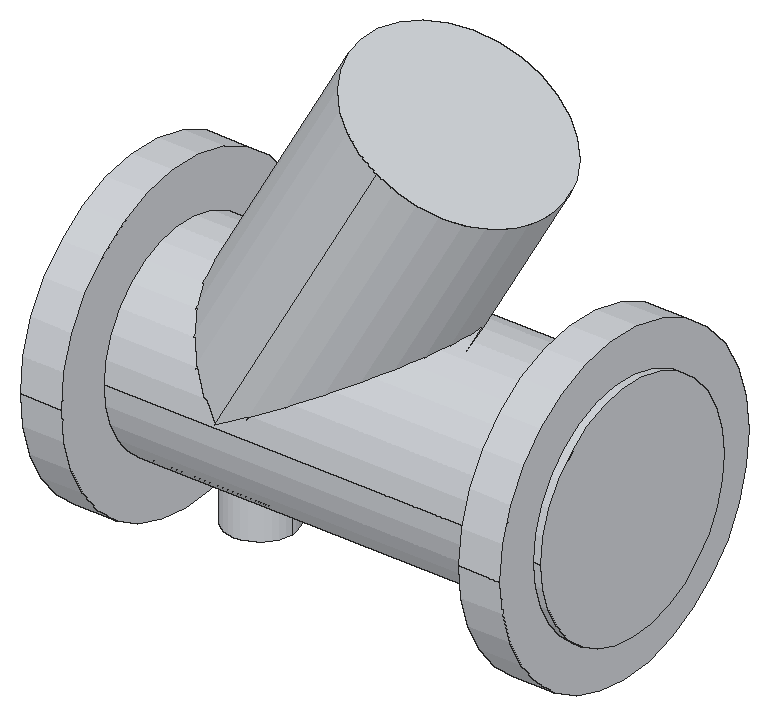
Revit family "HS 821-síto_standard-PN16-DN125-RFA_2019", category Pipe Accessories, Revit 2019
Family settings
  Round Connector Dimension = Use Diameter
  Part Type = Breaks Into
  Work Plane-Based = No
  Always vertical = Yes
  Cut with Voids When Loaded = No
  Shared = No
Parameters (values of type "821A-DN125-PN16-síto_standard")
  magiProductId = "bf68e728a163493cbd2a663b26ebdc"
  magiProductFamilyId = "79214ac3aaa945e397802f559f5c1e"
  magiPartTypeId = 307
  isMeasuringValve [instance] = no
  ang2D [instance] = 0.00°
  ZB__ve = -ZB  # -39.5 mm
  ZB1 = 74.52 mm
  ZB = 39.5 mm
  X2 = 131.888 mm
  X1 = 56 mm
  W2D = 15 mm
  VersionID = "2.0/2017.9.26.1/ZETKAMA_821_001"
  Use Minimum Symbol Size [instance] = yes
  URL = "www.hydronix.cz"
  Type Comments = "Filtr přírubový; síto standardní; A-PN16 (-10~300°C); D-PN25 (-10~350°C); F-PN40 (-10~400°C)"
  S = 184 mm
  QmdConnectorList = "301;D;302;D"
  Productdata [instance] = ""
  Manufacturer = "Hydronix"
  MC Product Code = "200 191 (821A; DN125; PN16; kvs326,2; oko síta 1,60mm)"
  LM1 = 32 mm
  LM = 320 mm
  L4 = 100 mm
  L2D_Min = 3048 mm
  L2D = 130 mm
  L2 = 200 mm
  HH2 = 228.438 mm
  FD = 250 mm
  Description = "Filtr přírubový; síto standardní; 821A-PN16; 821D-PN25; 821F-PN40"
  DM1 = 165 mm
  DM = 165.6 mm
  D = 125 mm
  CC = 6.8 mm
  CAT0 = yes
  C1 = 33.2 mm
  C = 40 mm
  BD = 52.164 mm
Types (40, lengths in mm): name | magiProductId | ZB__ve | ZB1 | ZB | X2 | X1 | S | MC Product Code | LM1 | LM | L4 | L2 | HH2 | FD | DM1 | DM | D | CC | C1 | C | BD
  821A-DN015-PN16-síto_standard | "a71bcfe8b393460598b23e8ddf7dc5" | -16.25 | 18.63 | 16.25 | 46.982 | 18.2 | 46 | "200 115 (821A; DN015; PN16; kvs6,3; oko síta 1,00mm)" | 10.4 | 104 | 32.5 | 65 | 81.375 | 95 | 27.6 | 41.4 | 15 | 2.21 | 10.79 | 13 | 13.041
  821A-DN020-PN16-síto_standard | "41cd6c7a12924f4991217528336076" | -17.75 | 22.68 | 17.75 | 51.673 | 21 | 56 | "200 120 (821A; DN020; PN16; kvs11,2; oko síta 1,00mm)" | 12 | 120 | 37.5 | 75 | 89.5 | 105 | 33.6 | 50.4 | 20 | 2.55 | 12.45 | 15 | 15.876
  821A-DN025-PN16-síto_standard | "be378b463ed14c3abf4c9b3ae8cf3a" | -19.25 | 26.325 | 19.25 | 58.601 | 22.4 | 65 | "200 125 (821A; DN025; PN16; kvs14,7; oko síta 1,00mm)" | 12.8 | 128 | 40 | 80 | 101.5 | 115 | 43.2 | 58.5 | 25 | 2.72 | 13.28 | 16 | 18.427
  821A-DN032-PN16-síto_standard | "227a0d18b21540afabe8b6067d35fa" | -23 | 30.78 | 23 | 68.849 | 25.2 | 76 | "200 132 (821A; DN032; PN16; kvs23,7; oko síta 1,00mm)" | 14.4 | 144 | 45 | 90 | 119.25 | 140 | 50.4 | 68.4 | 32 | 3.06 | 14.94 | 18 | 21.546
  821A-DN040-PN16-síto_standard | "d106917c74724141a10440112d0102" | -24.5 | 34.02 | 24.5 | 75.777 | 28 | 84 | "200 140 (821A; DN040; PN16; kvs37,7; oko síta 1,00mm)" | 16 | 160 | 50 | 100 | 131.25 | 150 | 60 | 75.6 | 40 | 3.4 | 16.6 | 20 | 23.814
  821A-DN050-PN16-síto_standard | "8255d456a09e4f6486734f5dd9171b" | -26.75 | 40.095 | 26.75 | 79.061 | 32.2 | 99 | "200 150 (821A; DN050 PN16; kvs57,9; oko síta 1,00mm)" | 18.4 | 184 | 57.5 | 115 | 136.938 | 165 | 73.8 | 89.1 | 50 | 3.91 | 19.09 | 23 | 28.066
  821A-DN065-PN16-síto_standard | "235b1b3e4c0843779a4d5e3716d40a" | -29.75 | 47.79 | 29.75 | 86.927 | 40.6 | 118 | "200 165 (821A; DN065; PN16; kvs101,5; oko síta 1,25mm)" | 23.2 | 232 | 72.5 | 145 | 150.562 | 185 | 94.2 | 106.2 | 65 | 4.93 | 24.07 | 29 | 33.453
  821A-DN080-PN16-síto_standard | "a067f7c5236348ed8c820d16df7214" | -32 | 53.46 | 32 | 104.753 | 43.4 | 132 | "200 180 (821A; DN080; PN16; kvs147,4; oko síta 1,25mm)" | 24.8 | 248 | 77.5 | 155 | 181.438 | 200 | 107.4 | 118.8 | 80 | 5.27 | 25.73 | 31 | 37.422
  821A-DN100-PN16-síto_standard | "c49a648c2747461285837d643703cd" | -35 | 63.18 | 35 | 114.857 | 49 | 156 | "200 190 (821A; DN100; PN16; kvs209,6; oko síta 1,60mm)" | 28 | 280 | 87.5 | 175 | 198.937 | 220 | 131.4 | 140.4 | 100 | 5.95 | 29.05 | 35 | 44.226
  821A-DN125-PN16-síto_standard | "bf68e728a163493cbd2a663b26ebdc" | -39.5 | 74.52 | 39.5 | 131.888 | 56 | 184 | "200 191 (821A; DN125; PN16; kvs326,2; oko síta 1,60mm)" | 32 | 320 | 100 | 200 | 228.438 | 250 | 165 | 165.6 | 125 | 6.8 | 33.2 | 40 | 52.164
  821A-DN150-PN16-síto_standard | "2de770284b654863ae6bc865769dc5" | -44.75 | 85.455 | 44.75 | 155.885 | 67.2 | 211 | "200 192 (821A; DN150; PN16; kvs403; oko síta 1,60mm)" | 38.4 | 384 | 120 | 240 | 270 | 285 | 192 | 189.9 | 150 | 8.16 | 39.84 | 48 | 59.818
  821A-DN200-PN16-síto_standard | "8e5693371ab64aabb29a7f08c76e15" | -53 | 107.73 | 53 | 188.361 | 84 | 266 | "200 193 (821A; DN200; PN16; kvs707; oko síta 1,60mm)" | 48 | 480 | 150 | 300 | 326.25 | 340 | 252 | 239.4 | 200 | 10.2 | 49.8 | 60 | 75.411
  821A-DN250-PN16-síto_standard | "05e37ed948c34047acdd4c42556504" | -62.75 | 129.195 | 62.75 | 255.911 | 102.2 | 319 | "200 194 (821A; DN250; PN16; kvs1234; oko síta 1,60mm)" | 58.4 | 584 | 182.5 | 365 | 443.25 | 405 | 309.6 | 287.1 | 250 | 12.41 | 60.59 | 73 | 90.436
  821A-DN300-PN16-síto_standard | "9ad0af747269428da925480d83ce80" | -71 | 149.85 | 71 | 325.914 | 119 | 370 | "200 195 (821A; DN300; PN16; kvs1916; oko síta 1,60mm)" | 68 | 680 | 212.5 | 425 | 564.5 | 460 | 369.6 | 333 | 300 | 14.45 | 70.55 | 85 | 104.895
  821A-DN350-PN16-síto_standard | "eebc71459bb3451bb4355e7951370a" | -80 | 173.745 | 80 | 356.875 | 137.2 | 429 | "200 196 (821A; DN350; PN16; kvs2621; oko síta 1,60mm)" | 78.4 | 784 | 245 | 490 | 618.125 | 520 | 438 | 386.1 | 350 | 16.66 | 81.34 | 98 | 121.621
  821A-DN400-PN16-síto_standard | "d2f677cb196647e385b2590e7d8abe" | -89 | 194.4 | 89 | 392.237 | 154 | 480 | "200 197 (821A; DN400; PN16; kvs3460; oko síta 1,60mm)" | 88 | 880 | 275 | 550 | 679.375 | 580 | 498 | 432 | 400 | 18.7 | 91.3 | 110 | 136.08
  821D-DN015-PN25-síto_standard | "27ddcbf555414f8ca1fde329bf9087" | -16.25 | 18.63 | 16.25 | 46.982 | 18.2 | 46 | "200 215 (821D; DN015; PN25; kvs6,3; oko síta 1,00mm)" | 10.4 | 104 | 32.5 | 65 | 81.375 | 95 | 27.6 | 41.4 | 15 | 2.21 | 10.79 | 13 | 13.041
  821D-DN020-PN25-síto_standard | "270e0f14012f47189cd0235c18faee" | -17.75 | 22.68 | 17.75 | 51.673 | 21 | 56 | "200 220 (821D; DN020; PN25; kvs11,2; oko síta 1,00mm)" | 12 | 120 | 37.5 | 75 | 89.5 | 105 | 33.6 | 50.4 | 20 | 2.55 | 12.45 | 15 | 15.876
  821D-DN025-PN25-síto_standard | "b9a7fb4aa36643878c637d8e1ab992" | -19.25 | 26.325 | 19.25 | 58.601 | 22.4 | 65 | "200 225 (821D; DN025; PN25; kvs14,7; oko síta 1,00mm)" | 12.8 | 128 | 40 | 80 | 101.5 | 115 | 43.2 | 58.5 | 25 | 2.72 | 13.28 | 16 | 18.427
  821D-DN032-PN25-síto_standard | "6be9a55c4e68400f94eec7e804204c" | -23 | 30.78 | 23 | 68.849 | 25.2 | 76 | "200 232 (821D; DN032; PN25; kvs23,7; oko síta 1,00mm)" | 14.4 | 144 | 45 | 90 | 119.25 | 140 | 50.4 | 68.4 | 32 | 3.06 | 14.94 | 18 | 21.546
  821D-DN040-PN25-síto_standard | "c54511bd7f584ec2984291479612cb" | -24.5 | 34.02 | 24.5 | 75.777 | 28 | 84 | "200 240 (821D; DN040; PN25; kvs37,7; oko síta 1,00mm)" | 16 | 160 | 50 | 100 | 131.25 | 150 | 60 | 75.6 | 40 | 3.4 | 16.6 | 20 | 23.814
  821D-DN050-PN25-síto_standard | "5483b1f596b04cd39b23a14a22c90e" | -26.75 | 40.095 | 26.75 | 79.061 | 32.2 | 99 | "200 250 (821D; DN050; PN25; kvs57,9; oko síta 1,00mm)" | 18.4 | 184 | 57.5 | 115 | 136.938 | 165 | 73.8 | 89.1 | 50 | 3.91 | 19.09 | 23 | 28.066
  821D-DN065-PN25-síto_standard | "767b0f8318e94750bc7a9930ed5b30" | -29.75 | 47.79 | 29.75 | 86.927 | 40.6 | 118 | "200 265 (821D; DN065; PN25; kvs101,5; oko síta 1,25mm)" | 23.2 | 232 | 72.5 | 145 | 150.562 | 185 | 94.2 | 106.2 | 65 | 4.93 | 24.07 | 29 | 33.453
  821D-DN080-PN25-síto_standard | "e21040fa3cc2404b858198f6b73709" | -32 | 53.46 | 32 | 104.753 | 43.4 | 132 | "200 280 (821D; DN080; PN25; kvs147,4; oko síta 1,25mm)" | 24.8 | 248 | 77.5 | 155 | 181.438 | 200 | 107.4 | 118.8 | 80 | 5.27 | 25.73 | 31 | 37.422
  821D-DN100-PN25-síto_standard | "175ca87a506b40b3bc6b82f12f33cf" | -37.25 | 63.18 | 37.25 | 114.857 | 49 | 156 | "200 290 (821D; DN100; PN25; kvs209,6; oko síta 1,60mm)" | 28 | 280 | 87.5 | 175 | 198.937 | 235 | 131.4 | 140.4 | 100 | 5.95 | 29.05 | 35 | 44.226
  821D-DN125-PN25-síto_standard | "77cc98d60da24855999a22dff726b2" | -42.5 | 74.52 | 42.5 | 131.888 | 56 | 184 | "200 291 (821D; DN125; PN25; kvs326,2; oko síta 1,60mm)" | 32 | 320 | 100 | 200 | 228.438 | 270 | 165 | 165.6 | 125 | 6.8 | 33.2 | 40 | 52.164
  821D-DN150-PN25-síto_standard | "9cf8acfcd15547d68e83172d3abcbe" | -47 | 85.455 | 47 | 155.885 | 67.2 | 211 | "200 292 (821D; DN150; PN25; kvs403; oko síta 1,60mm)" | 38.4 | 384 | 120 | 240 | 270 | 300 | 192 | 189.9 | 150 | 8.16 | 39.84 | 48 | 59.818
  821D-DN200-PN25-síto_standard | "16973f3c9ea14389ba8602495a6b64" | -56 | 110.97 | 56 | 188.361 | 84 | 274 | "200 293 (821D; DN200; PN25; kvs707; oko síta 1,60mm)" | 48 | 480 | 150 | 300 | 326.25 | 360 | 252 | 246.6 | 200 | 10.2 | 49.8 | 60 | 77.679
  821F-DN015-PN40-síto_standard | "4c7eaf3c4c0340888b3e684d8a8616" | -16.25 | 18.225 | 16.25 | 46.982 | 18.2 | 45 | "240 615 (821F; DN015; PN40; kvs6,3; oko síta 1,00mm)" | 10.4 | 104 | 32.5 | 65 | 81.375 | 95 | 27.6 | 40.5 | 15 | 2.21 | 10.79 | 13 | 12.757
  821F-DN020-PN40-síto_standard | "aaac5f1ec96b44d6ba96ac2293d66d" | -17.75 | 23.49 | 17.75 | 51.673 | 21 | 58 | "240 620 (821F; DN020; PN40; kvs11,2; oko síta 1,00mm)" | 12 | 120 | 37.5 | 75 | 89.5 | 105 | 33.6 | 52.2 | 20 | 2.55 | 12.45 | 15 | 16.443
  821F-DN025-PN40-síto_standard | "504768023968471481789485b54c7e" | -19.25 | 27.54 | 19.25 | 58.601 | 22.4 | 68 | "240 625 (821F; DN025; PN40; kvs14,7; oko síta 1,00mm)" | 12.8 | 128 | 40 | 80 | 101.5 | 115 | 43.2 | 61.2 | 25 | 2.72 | 13.28 | 16 | 19.278
  821F-DN032-PN40-síto_standard | "165e7f39cf744f329bdf1c400dad12" | -23 | 31.59 | 23 | 68.849 | 25.2 | 78 | "240 632 (821F; DN032; PN40; kvs23,7; oko síta 1,00mm)" | 14.4 | 144 | 45 | 90 | 119.25 | 140 | 50.4 | 70.2 | 32 | 3.06 | 14.94 | 18 | 22.113
  821F-DN040-PN40-síto_standard | "b8903f952089408fbf3a5a632bab1f" | -24.5 | 35.64 | 24.5 | 75.777 | 28 | 88 | "240 640 (821F; DN040; PN40; kvs37,7; oko síta 1,00mm)" | 16 | 160 | 50 | 100 | 131.25 | 150 | 60 | 79.2 | 40 | 3.4 | 16.6 | 20 | 24.948
  821F-DN050-PN40-síto_standard | "c451f97266fe48da8f879cb6a2bd44" | -26.75 | 41.31 | 26.75 | 79.061 | 32.2 | 102 | "240 650 (821F; DN050; PN40; kvs57,9; oko síta 1,00mm)" | 18.4 | 184 | 57.5 | 115 | 136.938 | 165 | 73.8 | 91.8 | 50 | 3.91 | 19.09 | 23 | 28.917
  821F-DN065-PN40-síto_standard | "dc9821e3f9b34e128f6a8c6b34c198" | -29.75 | 49.41 | 29.75 | 86.927 | 40.6 | 122 | "240 665 (821F; DN065; PN40; kvs101,5; oko síta 1,25mm)" | 23.2 | 232 | 72.5 | 145 | 150.562 | 185 | 94.2 | 109.8 | 65 | 4.93 | 24.07 | 29 | 34.587
  821F-DN080-PN40-síto_standard | "689aa1e260f84cf4994f027a1d86b5" | -32 | 55.89 | 32 | 104.753 | 43.4 | 138 | "240 680 (821F; DN080; PN40; kvs147,4; oko síta 1,25mm)" | 24.8 | 248 | 77.5 | 155 | 181.438 | 200 | 107.4 | 124.2 | 80 | 5.27 | 25.73 | 31 | 39.123
  821F-DN100-PN40-síto_standard | "8a45d4e8e2ab425f8c432f21d684f3" | -37.25 | 65.61 | 37.25 | 114.857 | 49 | 162 | "240 690 (821F; DN100; PN40; kvs209,6; oko síta 1,6mm)" | 28 | 280 | 87.5 | 175 | 198.937 | 235 | 131.4 | 145.8 | 100 | 5.95 | 29.05 | 35 | 45.927
  821F-DN125-PN40-síto_standard | "cf073904c006406b8645afa67ea2fc" | -42.5 | 76.14 | 42.5 | 131.888 | 56 | 188 | "240 691 (821F; DN125; PN40; kvs326,2; oko síta 1,6mm)" | 32 | 320 | 100 | 200 | 228.438 | 270 | 165 | 169.2 | 125 | 6.8 | 33.2 | 40 | 53.298
  821F-DN150-PN40-síto_standard | "0153b9ddabe14992a630484929fdbc" | -47 | 88.29 | 47 | 155.885 | 67.2 | 218 | "240 692 (821F; DN150; PN40; kvs403; oko síta 1,6mm)" | 38.4 | 384 | 120 | 240 | 270 | 300 | 192 | 196.2 | 150 | 8.16 | 39.84 | 48 | 61.803
  821F-DN200-PN40-síto_standard | "7fb3fc01dd8d42428c203e3f8dd4d5" | -56 | 115.425 | 56 | 188.361 | 84 | 285 | "240 693 (821F; DN200; PN40; kvs707; oko síta 1,6mm)" | 48 | 480 | 150 | 300 | 326.25 | 360 | 252 | 256.5 | 200 | 10.2 | 49.8 | 60 | 80.797
Reference planes
  plane 1 "Center (Front/Back)": y = 0
  plane 2 "XYPLANE": z = 0
  plane 3 "Center (Left/Right)": x = 0
  plane 4 "109": x = -128
  plane 5 "108": x = 160
  plane 6 "107": x = -160
  plane 7 "105": x = 200
  plane 8 "104": x = -200
  plane 9 "103": y = 0
  plane 10 "102": z = 0
  plane 11 "101": x = -193.2
  plane 12 "100": x = 193.2
  plane 13 "11": x = -72
  plane 14 "10": z = 228.438
  plane 15 "9": x = 59.888
  plane 16 "5": z = -74.52
  plane 17 "4": x = -100
  plane 18 "1": x = 100
Forms (mm)
  Extrusion 1, solid, visible <- "CAT0"
    sketch origin (-160, -750, 0) x (0, 1, 0) y (0, 0, 1)
      loop
        circle (750, 0) r 82.8
    from 0 to 320 <- "LM"
  Extrusion 2, solid
    sketch origin (-200, -750, 0) x (0, 1, 0) y (0, 0, 1)
      loop
        circle (750, 0) r 92
    from 0 to 6.8 <- "CC"
  Extrusion 3, solid
    sketch origin (-193.2, -750, 0) x (0, 1, 0) y (0, 0, 1)
      loop
        circle (750, 0) r 125
    from 0 to 33.2 <- "C1"
  Extrusion 4, solid
    sketch origin (160, -750, 0) x (0, 1, 0) y (0, 0, 1)
      loop
        circle (750, 0) r 125
    from 0 to 33.2 <- "C1"
  Extrusion 5, solid
    sketch origin (193.2, -750, 0) x (0, 1, 0) y (0, 0, 1)
      loop
        circle (750, 0) r 92
    from 0 to 6.8 <- "CC"
  Sweep 6, solid, visible <- "CAT0"
    path origin (750, 0, 0) x (-1, 0, 0) y (0, 0, 1)
      loop
        line (910, 0) -> (822, 0) -> (690.112, 228.438)
    profile origin (-160, 0, 0) x (0, 0, -1) y (0, 1, 0)
      loop
        circle (0, 0) r 82.5
  Extrusion 7, solid, visible <- "CAT0"
    sketch origin (-750, 0, -74.52) x (1, 0, 0) y (0, 1, 0)
      loop
        circle (650, 0) r 26.082
    from 0 to -39.5 <- "ZB__ve"
  Extrusion 8, solid, visible <- "CAT0"
    sketch origin (-750, 0, -74.52) x (1, 0, 0) y (0, 1, 0)
      loop
        circle (850, 0) r 26.082
    from 0 to -39.5 <- "ZB__ve"
  Extrusion 9, solid, not visible
    sketch origin (200, -750, 0) x (0, 1, 0) y (0, 0, 1)
      loop
        circle (750, 0) r 10
    from 0 to -10
  Extrusion 10, solid, not visible
    sketch origin (-200, -750, 0) x (0, 1, 0) y (0, 0, 1)
      loop
        circle (750, 0) r 10
    from 0 to 10
Lines and regions (mm)
  reference lines, not visible
    curve 1: circle (2, 2, 0) r 1 normal (0, 0, 1)
Dimensions and locks
  plane 1 "Center (Front/Back)" to curve 1 = 2 mm
  "LM1": plane 6 "107" to plane 4 "109"
  "LM": plane 6 "107" to plane 5 "108"
  "C": plane 8 "104" to plane 6 "107"
  "L2": plane 3 "Center (Left/Right)" to plane 7 "105"
  "L2": plane 3 "Center (Left/Right)" to plane 8 "104"
  locked: plane 1 "Center (Front/Back)" to plane 9 "103"
  locked: plane 2 "XYPLANE" to plane 10 "102"
  "CC": plane 8 "104" to plane 11 "101"
  "C1": plane 5 "108" to plane 12 "100"
  "X1": plane 4 "109" to plane 13 "11"
  "HH2": plane 2 "XYPLANE" to plane 14 "10"
  "X2": plane 13 "11" to plane 15 "9"
  "ZB1": plane 2 "XYPLANE" to plane 16 "5"
  "L4": plane 8 "104" to plane 17 "4"
  "L2": plane 17 "4" to plane 18 "1"
  Sweep 6 sketch curve to Sweep 6 sketch curve = 0 mm  (x2)
  "DM": diameter of Extrusion 1 sketch curve
  "S": diameter of Extrusion 2 sketch curve
  "FD": diameter of Extrusion 3 sketch curve
  "FD": diameter of Extrusion 4 sketch curve
  "S": diameter of Extrusion 5 sketch curve
  "DM1": diameter of Sweep 6 sketch curve
  "BD": diameter of Extrusion 7 sketch curve
  "BD": diameter of Extrusion 8 sketch curve
  aligned and locked: level to plane 2 "XYPLANE"
  aligned and locked: Extrusion 1 sketch curve to plane 9 "103"
  aligned and locked: plane 10 "102" to Extrusion 1 sketch curve
  aligned and locked: Extrusion 2 sketch curve to plane 9 "103"
  aligned and locked: plane 10 "102" to Extrusion 2 sketch curve
  aligned and locked: Extrusion 3 sketch curve to plane 9 "103"
  aligned and locked: plane 10 "102" to Extrusion 3 sketch curve
  aligned and locked: Extrusion 4 sketch curve to plane 9 "103"
  aligned and locked: plane 10 "102" to Extrusion 4 sketch curve
  aligned and locked: Extrusion 5 sketch curve to plane 9 "103"
  aligned and locked: plane 10 "102" to Extrusion 5 sketch curve
  aligned and locked: Sweep 6 sketch curve to plane 9 "103"
  aligned and locked: plane 10 "102" to Sweep 6 sketch curve  (x3)
  aligned and locked: plane 6 "107" to Sweep 6 sketch curve
  aligned and locked: plane 13 "11" to Sweep 6 sketch curve
  aligned and locked: plane 14 "10" to Sweep 6 sketch curve
  aligned and locked: plane 15 "9" to Sweep 6 sketch curve
  aligned and locked: plane 9 "103" to Extrusion 7 sketch curve
  aligned and locked: plane 17 "4" to Extrusion 7 sketch curve
  aligned and locked: plane 9 "103" to Extrusion 8 sketch curve
  aligned and locked: plane 18 "1" to Extrusion 8 sketch curve
  aligned and locked: Extrusion 9 sketch curve to plane 9 "103"
  aligned and locked: plane 10 "102" to Extrusion 9 sketch curve
  aligned and locked: Extrusion 10 sketch curve to plane 9 "103"
  aligned and locked: plane 10 "102" to Extrusion 10 sketch curve
Automatic sketch dimensions
  plane 1 "Center (Front/Back)" to Extrusion 9 sketch curve = 10 mm
  plane 1 "Center (Front/Back)" to Extrusion 10 sketch curve = 10 mm
  plane 3 "Center (Left/Right)" to curve 1 = 2 mm
  radius of curve 1 = 1 mm
Connectors
  piping at (-200, 0, 0), diameter 125, driven by "D"
    settings: on Extrusion 10, index 1, connector inside diameter 609.6 mm, connector length 0 mm, flow factor 0, pipe flow 0.0 L/s, pressure drop 0.0 Pa, fitting loss kfactor 0, connector angle 0.00°, fixture units 0, engagement length 0 mm, angle of deflection 0.00°, flow configuration 0, flow direction 0, fitting loss method 0, system type 29, joint type 0, gender type 0, connector reference index 2, connector utility 0, adjustable connector no, is connector primary yes, connector description ""
  piping at (200, 0, 0), diameter 125, driven by "D"
    settings: on Extrusion 9, index 2, connector inside diameter 609.6 mm, connector length 0 mm, flow factor 0, pipe flow 0.0 L/s, pressure drop 0.0 Pa, fitting loss kfactor 0, connector angle 0.00°, fixture units 0, engagement length 0 mm, angle of deflection 0.00°, flow configuration 0, flow direction 0, fitting loss method 0, system type 29, joint type 0, gender type 0, connector reference index 1, connector utility 0, adjustable connector no, is connector primary no, connector description ""
